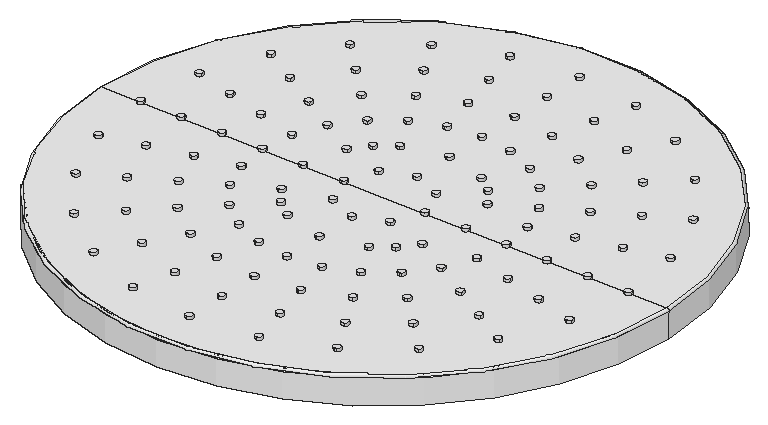
Revit family "Shower-Showerhead-KOHLER-Katalyst-13689W", category Plumbing Fixtures, host Face, Revit 2017 (continued)
Definition of nested family "13689W"
  Automatic sketch dimensions
    Extrusion 5 sketch curve to Extrusion 5 sketch curve = 0.61048"  (x2)
    Revolve 1 sketch curve to plane 4 "Left" = 0"
    Revolve 1 sketch curve to level = 0"  (x2)
    Revolve 1 sketch curve to plane 3 "Center (Left/Right)" = 0"  (x2)
    plane 4 "Left" to Revolve 1 sketch curve = 0.03856"
    Revolve 1 sketch curve to plane 3 "Center (Left/Right)" = 0.72059"
    Revolve 1 sketch curve to Revolve 1 sketch curve = 0.03076"
    level to Revolve 1 sketch curve = 0.02476"
    Revolve 1 sketch curve to plane 3 "Center (Left/Right)" = 0.49543"
    Revolve 1 sketch curve to Revolve 1 sketch curve = 0.25135"
    Revolve 1 sketch curve to Revolve 1 sketch curve = 0.05803"
    Revolve 1 sketch curve to Revolve 1 sketch curve = 0.23005"
    plane 3 "Center (Left/Right)" to Revolve 1 sketch curve = 0.003"
    level to Revolve 1 sketch curve = 0.75212"
    Revolve 1 sketch curve to Revolve 1 sketch curve = 0.27725"
    Revolve 1 sketch curve to Revolve 1 sketch curve = 0.16728"
    Revolve 1 sketch curve to Revolve 1 sketch curve = 0.29729"
    Revolve 1 sketch curve to Revolve 1 sketch curve = 0.47299"
    Revolve 1 sketch curve to plane 8 "Front" = 0.50596"
    Revolve 1 sketch curve to plane 8 "Front" = 0.07164"
    Revolve 1 sketch curve to Revolve 1 sketch curve = 0"
    Revolve 1 sketch curve to plane 8 "Front" = 0.01638"
    plane 3 "Center (Left/Right)" to curve 7 = 0.19704"
    curve 7 to curve 7 = 0.57784"
    curve 8 to plane 3 "Center (Left/Right)" = 0.19715"
    curve 6 to curve 5 = 0.21248"
    Masking region 2 sketch curve to plane 8 "Front" = 0"  (x27)
    Masking region 2 sketch curve to level = 0"
    Masking region 2 sketch curve to plane 1 "Center (Front/Back)" = 0"
    plane 1 "Center (Front/Back)" to Masking region 2 sketch curve = 0.03775"
    plane 1 "Center (Front/Back)" to Masking region 2 sketch curve = 0.05864"
    plane 1 "Center (Front/Back)" to Masking region 2 sketch curve = 0.26616"
    Masking region 2 sketch curve to Masking region 2 sketch curve = 0.1157"  (x2)
    Masking region 2 sketch curve to Masking region 2 sketch curve = 0.05684"  (x2)
    Masking region 2 sketch curve to Masking region 2 sketch curve = 0.3878"  (x2)
    Masking region 2 sketch curve to Masking region 2 sketch curve = 0.19325"  (x2)
    Masking region 2 sketch curve to Masking region 2 sketch curve = 0.01612"  (x2)
    Masking region 2 sketch curve to Masking region 2 sketch curve = 0.03592"  (x2)
    Masking region 2 sketch curve to Masking region 2 sketch curve = 0.16681"  (x2)
    Masking region 2 sketch curve to Masking region 2 sketch curve = 0.0424"  (x2)
    Masking region 2 sketch curve to Masking region 2 sketch curve = 0.25086"  (x2)
    Masking region 2 sketch curve to Masking region 2 sketch curve = 0.06495"  (x2)
    Masking region 2 sketch curve to Masking region 2 sketch curve = 0.14247"  (x2)
    Masking region 2 sketch curve to Masking region 2 sketch curve = 0.06759"  (x2)
    Masking region 2 sketch curve to plane 8 "Front" = 0.03308"  (x20)
    Masking region 2 sketch curve to Masking region 2 sketch curve = 0.4301"  (x2)
    Masking region 2 sketch curve to Masking region 2 sketch curve = 0.07412"  (x2)
    Masking region 2 sketch curve to Masking region 2 sketch curve = 0.20393"  (x2)
    Masking region 2 sketch curve to Masking region 2 sketch curve = 0.15321"  (x2)
    Masking region 2 sketch curve to Masking region 2 sketch curve = 0.18733"  (x2)
    Masking region 2 sketch curve to Masking region 2 sketch curve = 0.04726"  (x2)
    Masking region 2 sketch curve to Masking region 2 sketch curve = 0.23983"  (x2)
    Masking region 2 sketch curve to Masking region 2 sketch curve = 0.21422"  (x2)
    Masking region 2 sketch curve to Masking region 2 sketch curve = 0.1683"  (x2)
    Masking region 2 sketch curve to Masking region 2 sketch curve = 0.11713"  (x2)
    Masking region 2 sketch curve to Masking region 2 sketch curve = 0.21463"  (x2)
    Masking region 2 sketch curve to Masking region 2 sketch curve = 0.05604"  (x2)
    Masking region 2 sketch curve to Masking region 2 sketch curve = 0.17977"  (x2)
    Masking region 2 sketch curve to Masking region 2 sketch curve = 0.23951"  (x2)
    Masking region 2 sketch curve to Masking region 2 sketch curve = 0.23107"  (x2)
    Masking region 2 sketch curve to Masking region 2 sketch curve = 0.03074"  (x2)
    Masking region 2 sketch curve to Masking region 2 sketch curve = 0.11728"  (x4)
    Masking region 2 sketch curve to Masking region 2 sketch curve = 0.31087"  (x2)
    Masking region 2 sketch curve to Masking region 2 sketch curve = 0.11499"  (x2)
    Masking region 2 sketch curve to Masking region 2 sketch curve = 0.03104"  (x2)
    plane 7 "Bottom" to Masking region 2 sketch curve = 1/32"
    plane 7 "Bottom" to Masking region 2 sketch curve = 0"
    Masking region 2 sketch curve to plane 1 "Center (Front/Back)" = 0.03775"
    Masking region 2 sketch curve to plane 1 "Center (Front/Back)" = 0.05864"
    Masking region 2 sketch curve to plane 1 "Center (Front/Back)" = 0.26616"
    level to Masking region 2 sketch curve = 0.0201"  (x2)
    Masking region 2 sketch curve to plane 6 "Top" = 1/32"
    plane 6 "Top" to Masking region 2 sketch curve = 0"
    Masking region 2 sketch curve to Masking region 2 sketch curve = 0.32352"  (x2)
    Masking region 2 sketch curve to Masking region 2 sketch curve = 0.12317"
    Masking region 2 sketch curve to Masking region 2 sketch curve = 0.15384"  (x2)
    Masking region 2 sketch curve to Masking region 2 sketch curve = 0.16751"  (x2)
    Masking region 2 sketch curve to Masking region 2 sketch curve = 0.32919"
    Masking region 2 sketch curve to Masking region 2 sketch curve = 0"  (x3)
    Masking region 2 sketch curve to Masking region 2 sketch curve = 0.47299"  (x2)
    Masking region 2 sketch curve to plane 8 "Front" = 0.50596"  (x2)
    Masking region 2 sketch curve to plane 8 "Front" = 0.06433"  (x2)
    Masking region 2 sketch curve to Masking region 2 sketch curve = 0.00059"
    Masking region 2 sketch curve to Masking region 2 sketch curve = 0.03308"  (x6)
    Masking region 2 sketch curve to Masking region 2 sketch curve = 0.40501"
    Masking region 2 sketch curve to Masking region 2 sketch curve = 0.68203"
    Masking region 2 sketch curve to Masking region 2 sketch curve = 0.02985"
    radius of Extrusion 4 sketch curve = 1/4"
